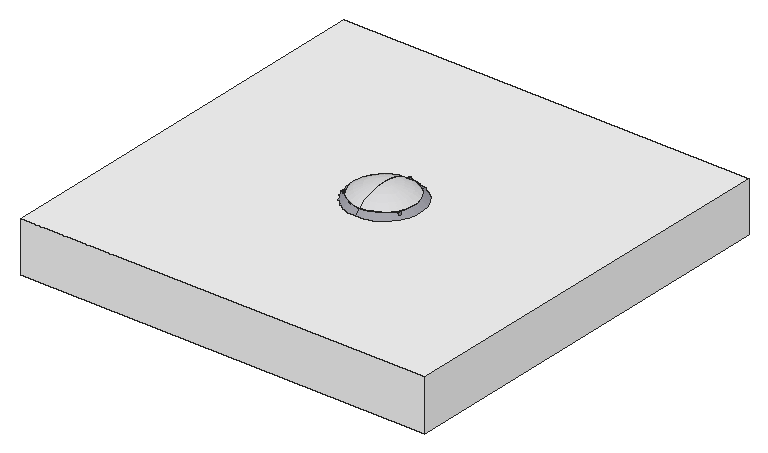
Revit family "Sarlam_Eclairage_Hublot_Chartres_Infini_T2_Anti_Vandale_Diam_435mm_3000Lm", category Luminaires, Revit 2020
Family settings
  Hôte = Face
  Cote de connecteur circulaire = Utiliser le diamètre
  Type d'élément = Normal
  Couper avec des vides une fois chargée = Non
  Source d'éclairage = Oui
  Partagée = Non
  Point de calcul de pièce = Non
Parameters (values of type "ON/OFF GRIS METAL")
  Zone plafond formes 1à7 [instance] = and(not(Diamètre externe = 328 mm), or([Antivandale Formes 2-4-7]), not([Afficher la zone de détection-pose murale]), [Afficher la zone de détection-pose plafond])  # no
  Zone murale formes 1à7 [instance] = and(not(Diamètre externe = 328 mm), or([Antivandale Formes 2-4-7]), [Afficher la zone de détection-pose murale], not([Afficher la zone de détection-pose plafond]))  # no
  Zone de détection = ""
  URL = "http://www.legrandoc.com/SL532017"
  Type de variation = "Non régulable"
  Type de tension = "CA"
  Tension nominale (Un) V MIN = 207
  Tension nominale (Un) V MAX = 253
  built-in parameter 1150107 = 3200 (stored number, unit not read)
  Température de couleur K MIN = 4000
  Température de couleur K MAX = 4000
  Source lumineuse = "Led non interchangeable"
  Répartition lumineuse = "Symétrique"
  Puissance du système W = 0
  Puissance de la source lumineuse W = ""
  Puissance de la lampe en Multiwatt = "21/39W"
  Wattage = 9.2903 W
  built-in parameter 1150110 = 1 (stored number, unit not read)
  built-in parameter 1150109 = 1 (stored number, unit not read)
  built-in parameter 1114218 = 1 (stored number, unit not read)
  built-in parameter 1150113 = 1 (stored number, unit not read)
  built-in parameter 1150112 = 1 (stored number, unit not read)
  built-in parameter 1150137 = (empty or 0)
  built-in parameter 1150132 = (empty or 0)
  Modèle = "SL-532017"
  Longueur d'encastrement = 0 mm
  Longueur = 435 mm
  Largeur d'encastrement = 435 mm
  Largeur = 435 mm
  built-in parameter 1150105 = 109.82 (stored number, unit not read)
  built-in parameter 1150102 = (empty or 0)
  Hauteur/profondeur d'encastrement = 0 mm
  Hauteur/profondeur = 90 mm
  Dimming Lamp Color Temperature Shift = (empty or 0)
  Lumens = 1380 lm
  Color Filter = 16777215
  Fichier de distribution photométrique = "SL532009.ies"
  built-in parameter 1114217 = 1 (stored number, unit not read)
  built-in parameter 1150139 = (empty or 0)
  Fabricant = "LEGRAND"
  Emettre à partir du diamètre du cercle = 300 mm
  Emettre la visibilité des formes dans le rendu = no
  built-in parameter 1150104 = 13.8 (stored number, unit not read)
  built-in parameter 1150106 = 1.0982 (stored number, unit not read)
  built-in parameter 1150115 = 1 (stored number, unit not read)
  built-in parameter 1150114 = 1 (stored number, unit not read)
  Diamètre externe = 435 mm
  Diamètre d'encastrement = 0 mm
  Description = "CHARTRES INFINI 3000LM 4000K AV ON/OFF GRIS METAL"
  built-in parameter 1150138 = (empty or 0)
  built-in parameter 1150134 = 3
  Condition Générale d'Utilisation = "https://export.legrand.com/CGU-objets-BIM"
  Angle de l'inclinaison = 0.00°
  Afficher la zone de détection-pose plafond [instance] = no
  Afficher la zone de détection-pose murale [instance] = no
  Matériau du boîtier/corps = Plastique
  Indice de rendu des couleurs CRI = "80-89"
  Indice de protection contre les chocs (IK) = "IK10"
  Indice de protection (IP) = "IP55"
  Flux lumineux utile lm = 3000
  Elévation par défaut = 2500 mm
  Douille = "Sans"
  Courant nominal mA MIN = 0
  Courant nominal mA MAX = 0
  Couleur du boîtier/corps = LEGRAND - Gris métal
  Classe de protection = "II"
  Avec détecteur de mouvement = no
  Avec détecteur crépusculaire = no
  Appareillage = "Appareil à LED commandé en courant"
  Antivandale Formes 2-4-7 = yes
  Angle du faisceau = "Faisceau libre"
  Afficher l'étiquette de zone [instance] = no
  Adapté à une suspension = no
  Adapté à un montage encastré = no
  Adapté à un montage en saillie = yes
  Adapté à un montage en applique = yes
  Adapté à un montage au plafond = yes
  built-in parameter 1150133 = 10 (stored number, unit not read)
Types (8, lengths in mm): name | Zone de détection | URL | Type de variation | Modèle | Description | Indice de protection contre les chocs (IK) | Indice de protection (IP) | Couleur du boîtier/corps | Avec détecteur de mouvement | Avec détecteur crépusculaire
  ON/OFF BLANC | "" | "http://www.legrandoc.com/SL532015" | "Non régulable" | "SL-532015" | "CHARTRES INFINI 3000LM 4000K AV ON/OFF BLANC" | "IK10" | "IP55" | LEGRAND - Blanc | no | no
  ON/OFF ANTHRACITE | "" | "http://www.legrandoc.com/SL532016" | "Non régulable" | "SL-532016" | "CHARTRES INFINI 3000LM 4000K AV ON/OFF ANTHRACITE" | "IK10" | "IP55" | LEGRAND - Anthracite | no | no
  ON/OFF GRIS METAL | "" | "http://www.legrandoc.com/SL532017" | "Non régulable" | "SL-532017" | "CHARTRES INFINI 3000LM 4000K AV ON/OFF GRIS METAL" | "IK10" | "IP55" | LEGRAND - Gris métal | no | no
  Détection BLANC | "Détection à 2,5m haut Plafond: Ø6m maxi Mur: Ellipse 16*17m" | "http://www.legrandoc.com/SL532055" | "Autre" | "SL-532055" | "CHARTRES INFINI 3000LM 4000K  AV DETECTION HF BLANC" | "IK10" | "IP55" | LEGRAND - Blanc | yes | yes
  Détection ANTHRACITE | "Détection à 2,5m haut Plafond: Ø6m maxi Mur: Ellipse 16*17m" | "http://www.legrandoc.com/SL532056" | "Autre" | "SL-532056" | "CHARTRES INFINI 3000LM 4000K  AV DETECTION HF ANTHRACITE" | "IK10" | "IP55" | LEGRAND - Anthracite | yes | yes
  Détection GRIS METAL | "Détection à 2,5m haut Plafond: Ø6m maxi Mur: Ellipse 16*17m" | "http://www.legrandoc.com/SL532057" | "Autre" | "SL-532057" | "CHARTRES INFINI 3000LM 4000K  AV DETECTION HF GRIS METAL" | "IK10" | "IP55" | LEGRAND - Gris métal | yes | yes
  Renforcé-ON/OFF | "" | "http://www.legrandoc.com/SL532098" | "Non régulable" | "SL-532098" | "CHARTRES INFINI 3000LM 4000K SOLIROC ON/OFF BLANC" | ">IK10" | "IP66" | LEGRAND - Blanc | no | no
  Renforcé-Détection | "Détection à 2,5m haut Plafond: Ø6m maxi Mur: Ellipse 16*17m" | "http://www.legrandoc.com/SL532099" | "Autre" | "SL-532099" | "CHARTRES INFINI 3000LM 4000K  SOLIROC DETECTION HF BLANC" | ">IK10" | "IP66" | LEGRAND - Blanc | yes | yes
Reference planes
  plane 1 "Centre (avant/arrière)": y = 0
  plane 2: z = 0
  plane 3 "Centre (gauche/droite)": x = 0
  plane 4: z = 110
Forms (mm)
  Extrusion 1, solid, material "Blanc"
    sketch origin (0, 0, 0) x (1, 0, 0) y (0, 1, 0)
      loop
        line (-1219.2, 1219.2) -> (-1219.2, -1219.2) -> (1219.2, -1219.2) -> (1219.2, 1219.2) -> (-1219.2, 1219.2)
    from 0 to -304.8
Lines and regions (mm)
  model lines, not visible
    curve 1: line (0, 0, 0) -> (0, 0, 2230)
    curve 2: line (0, 0, 0) -> (0, 3300, 0)
    curve 3: line (0, 0, 0) -> (-2620, 0, 0)
Dimensions and locks
  level to plane 4 = 110 mm
  aligned and locked: plane 2 to Extrusion 1
  aligned and locked: level to Extrusion 1
  aligned and locked: imposter light to plane 4
  aligned and locked: plane 3 "Centre (gauche/droite)" to imposter light
Nested families
  nested 1: "Zone de détection murale Chartres-Astreo" at (0, 0, 0) x (0, 0, 1) z (0, -1, 0), visible <- "Afficher la zone de détection-pose murale", type "Zone de détection murale"
  nested 2: "Formes 1-2-3-4-6-7-8-9" at (0, 0, 0), type "Formes"
    with Fl 90 mm, Dimension hublot 185.3 mm, Diamètre total 435 mm, Courbure 307.8 mm, Antivandale Formes 2-4-7 yes
  nested 3: "Zone de détection plafond Chartres-Astreo" at (0, 0, 2500), visible <- "Afficher la zone de détection-pose plafond", type "Zone de détection plafond"
    with Zone plafond Formes 8à9 no
  nested 4: "Zone de détection murale Chartres-Astreo" at (0, 0, 0) x (0, 0, 1) z (1, 0, 0), visible <- "Afficher la zone de détection-pose murale", type "Zone de détection murale"
  nested 5: "Etiquette de zone" at (-30, 277.5, 0) x (-1, 0, 0) z (0, 0, 1), visible <- "Afficher l'étiquette de zone", type "Etiquette de zone"
Connectors
  electrical at (0, 0, 0)
    settings: on nested 2, index 1, voltage 230 V, apparent load 0 VA, apparent load phase1 0 VA, apparent load phase2 0 VA, apparent load phase3 0 VA, power factor 1, load classification "Eclairage", number of poles 1, system type 30, power factor state 1, is connector primary yes, connector utility no, sub classification motor no, connector description ""
Definition of nested family "Formes 1-2-3-4-6-7-8-9"
  Parameters (values of type "Formes")
    Standard Forme 8 = no
    Standard Formes 1-3-6 = no
    Matériau hublot = none
    Matériau corps = none
    Fl = if(Diamètre total < 325 mm, 70 mm, if(Diamètre total = 328 mm, 107 mm, 90 mm))  # 107 mm
    Default Elevation = 0 mm
    Dimension hublot = if(Diamètre total = 300 mm, 121.1 mm, if(Diamètre total = 322 mm, 129.3 mm, if(Diamètre total = 328 mm, 148.6 mm, if(Diamètre total = 420 mm, 179.2 mm, 185.3 mm))))  # 148.6 mm
    Diamètre total = 328 mm
    Courbure = if(Diamètre total = 300 mm, 195.7 mm, if(Diamètre total = 322 mm, 220.2 mm, if(Diamètre total = 328 mm, 179.2 mm, if(Diamètre total = 420 mm, 290 mm, 307.8 mm))))  # 179.2 mm
    Couleur corps = none
    Antivandale Forme 9 = no
    Antivandale Formes 2-4-7 = no
  Reference planes
    plane 1 "Centre (avant/arrière)": y = 0
    plane 2: z = 0
    plane 3 "Centre (gauche/droite)": x = 0
    plane 4: y = 164
    plane 5: y = -164
    plane 6: y = 148.6
  Forms (mm)
    Revolve 1, solid, material <- "Matériau hublot"
      sketch origin (0, 0, 0) x (0, 0, -1) y (0, 1, 0)
        loop
          arc (-28, 148.6) -> (-86.03, 84.151) -> (-107, 0) r 179.2
          line (-107, 0) -> (-28, 0) -> (-28, 148.6)
        axis (-28, 0) -> (-107, 0)
      angle from 0 to 360
  Dimensions and locks
    equal spacing: plane 4, plane 1 "Centre (avant/arrière)", plane 5
    "Diamètre total": plane 4 to plane 5
    equal spacing: plane 5, plane 1 "Centre (avant/arrière)", plane 4
    "Dimension hublot": plane 1 "Centre (avant/arrière)" to plane 6
    "Fl": Revolve 1 sketch curve to plane 2
    "Courbure": radius of Revolve 1 sketch curve
    aligned and locked: level to plane 2
    aligned and locked: plane 6 to Revolve 1 sketch curve
    aligned and locked: plane 2 to nested 2
  Automatic sketch dimensions
    Revolve 1 sketch curve to plane 1 "Centre (avant/arrière)" = 0 mm  (x2)
    level to Revolve 1 sketch curve = 28 mm
    Revolve 1 sketch curve to Revolve 1 sketch curve = 1811.469 mm
    Revolve 1 sketch curve to Revolve 1 sketch curve = 1147.22 mm
  Nested families
    nested 1: "Corps standard Formes 1-3-6" at (0, 0, 0), visible <- "Standard Formes 1-3-6", type "Corps standard Formes 1-3-6"
      with Diamètre 328 mm
    nested 2: "Corps antivandale Formes 2-4-7" at (0, 0, 0), visible <- "Antivandale Formes 2-4-7", type "Corps antivandale Formes 2-4-7"
      with Diamètre 328 mm
    nested 3: "Corps standard Forme 8" at (0, 0, 0), visible <- "Standard Forme 8", type "Corps standard Forme 8"
    nested 4: "Corps antivandale Forme 9" at (0, 0, 0), visible <- "Antivandale Forme 9", type "Corps antivandale Forme 9"
  Definition of nested family "Corps standard Formes 1-3-6"
    Parameters (values of type "Corps standard")
      Matériau corps = none
      Default Elevation = 0 mm
      Couleur corps = none
      Diamètre = 322 mm
      Courbure = if(Diamètre < 400 mm, 195.7 mm, 290 mm)  # 195.7 mm
    Reference planes
      plane 1 "Centre (avant/arrière)": y = 0
      plane 2: z = 0
      plane 3 "Centre (gauche/droite)": x = 0
      plane 4: y = 161
      plane 5: y = -161
      plane 6: z = 28
    Forms (mm)
      Revolve 1, solid, material <- "Couleur corps"
        sketch origin (0, 0, 0) x (0, 0, -1) y (0, 1, 0)
          loop
            line (0, 0) -> (0, 161)
            arc (0, 161) -> (-14.55, 149.906) -> (-28, 137.502) r 195.7
            line (-28, 137.502) -> (-28, 0) -> (0, 0)
          axis (0, 0) -> (-28, 0)
        angle from 0 to 360
    Dimensions and locks
      equal spacing: plane 4, plane 1 "Centre (avant/arrière)", plane 5
      "Diamètre": plane 4 to plane 5
      equal spacing: plane 5, plane 1 "Centre (avant/arrière)", plane 4
      "Courbure": radius of Revolve 1 sketch curve
      aligned and locked: level to plane 2
      aligned and locked: plane 2 to Revolve 1  (x2)
      aligned and locked: Revolve 1 to plane 2
      aligned and locked: plane 6 to Revolve 1
    Automatic sketch dimensions
      Revolve 1 sketch curve to plane 1 "Centre (avant/arrière)" = 0 mm  (x3)
      Revolve 1 sketch curve to plane 6 = 0 mm
      Revolve 1 sketch curve to level = 0 mm
      Revolve 1 sketch curve to plane 4 = 0 mm
      plane 6 to Revolve 1 sketch curve = 1833.51 mm
      Revolve 1 sketch curve to Revolve 1 sketch curve = 1167.217 mm
  Definition of nested family "Corps antivandale Formes 2-4-7"
    Parameters (values of type "Corps antivandale")
      Rayon réseau vis = if(Diamètre < 400 mm, 137.2 mm, 193.2 mm)  # 137.2 mm
      Matériau corps = none
      Default Elevation = 0 mm
      Diamètre = 322 mm
      Courbure = if(Diamètre < 400 mm, 220.2 mm, 307.8 mm)  # 220.2 mm
      Couleur corps = none
    Reference planes
      plane 1 "Centre (avant/arrière)": y = 0
      plane 2: z = 0
      plane 3 "Centre (gauche/droite)": x = 0
      plane 4: y = 161
      plane 5: y = -161
      plane 6: z = 28
      plane 7: through (0, 0, 1200) normal (0.5, 0.866, 0)
      plane 8: through (0, 0, 1200) normal (0.5, -0.866, 0)
    Forms (mm)
      Revolve 1, solid, material <- "Couleur corps"
        sketch origin (0, 0, 0) x (0, 0, -1) y (0, 1, 0)
          loop
            line (0, 0) -> (0, 161)
            arc (0, 161) -> (-14.762, 145.835) -> (-28, 129.323) r 220.2
            line (-28, 129.323) -> (-28, 0) -> (0, 0)
          axis (0, 0) -> (-28, 0)
        angle from 0 to 360
      Extrusion 2, solid, material <- "Couleur corps"
        sketch origin (0, -0.04, 0) x (1, 0, 0) y (0, 1, 0)
          loop
            line (-4, 129.32) -> (-4, 137.3)
            arc (-4, 137.3) -> (0, 141.3) -> (4, 137.3) r 4
            line (4, 137.3) -> (4, 129.32)
            arc (4, 129.32) -> (5, 129.285) -> (6, 129.243) r 129.323
            line (6, 129.243) -> (6, 137.3)
            arc (6, 137.3) -> (0, 143.3) -> (-6, 137.3) r 6
            line (-6, 137.3) -> (-6, 129.243)
            arc (-6, 129.243) -> (-5, 129.285) -> (-4, 129.32) r 129.323
        from 15.189 to 28
      Extrusion 3, solid, material <- "Couleur corps"
        sketch origin (-0.035, 0.02, 0) x (-0.5, -0.866025, 0) y (0.866025, -0.5, 0)
          loop
            line (-4, 129.32) -> (-4, 137.3)
            arc (-4, 137.3) -> (0, 141.3) -> (4, 137.3) r 4
            line (4, 137.3) -> (4, 129.32)
            arc (4, 129.32) -> (5, 129.285) -> (6, 129.243) r 129.323
            line (6, 129.243) -> (6, 137.3)
            arc (6, 137.3) -> (0, 143.3) -> (-6, 137.3) r 6
            line (-6, 137.3) -> (-6, 129.243)
            arc (-6, 129.243) -> (-5, 129.285) -> (-4, 129.32) r 129.323
        from 15.189 to 28
      Extrusion 4, solid, material <- "Couleur corps"
        sketch origin (0.035, 0.02, 0) x (-0.5, 0.866025, 0) y (-0.866025, -0.5, 0)
          loop
            line (-4, 129.32) -> (-4, 137.3)
            arc (-4, 137.3) -> (0, 141.3) -> (4, 137.3) r 4
            line (4, 137.3) -> (4, 129.32)
            arc (4, 129.32) -> (5, 129.285) -> (6, 129.243) r 129.323
            line (6, 129.243) -> (6, 137.3)
            arc (6, 137.3) -> (0, 143.3) -> (-6, 137.3) r 6
            line (-6, 137.3) -> (-6, 129.243)
            arc (-6, 129.243) -> (-5, 129.285) -> (-4, 129.32) r 129.323
        from 15.189 to 28
      Revolve 5, solid
        sketch origin (0, 0.018, -12.656) x (0, 1, 0) y (0, 0, 1)
          loop
            line (136.525, 38.942) -> (136.525, 29.094) -> (136.962, 29.907) -> (137.751, 35.518) -> (140.148, 38.942) -> (136.525, 38.942)
          axis (136.525, 29.094) -> (136.525, 38.942)
        angle from 0 to 360
      Revolve 6, solid
        sketch origin (0.016, -0.009, -12.656) x (0.866025, -0.5, 0) y (0, 0, 1)
          loop
            line (136.525, 38.942) -> (136.525, 29.094) -> (136.962, 29.907) -> (137.751, 35.518) -> (140.148, 38.942) -> (136.525, 38.942)
          axis (136.525, 29.094) -> (136.525, 38.942)
        angle from 0 to 360
      Revolve 7, solid
        sketch origin (-0.016, -0.009, -12.656) x (-0.866025, -0.5, 0) y (0, 0, 1)
          loop
            line (136.525, 38.942) -> (136.525, 29.094) -> (136.962, 29.907) -> (137.751, 35.518) -> (140.148, 38.942) -> (136.525, 38.942)
          axis (136.525, 29.094) -> (136.525, 38.942)
        angle from 0 to 360
    Cuts and joins
      joined: Revolve 1, Extrusion 2
    Lines and regions (mm)
      model lines
        curve 1: line (-2.5, 136.543, 26.285) -> (2.5, 136.543, 26.285)
        curve 2: line (0, 138.995, 26.285) -> (0, 133.995, 26.285)
        curve 3: line (119.5, -66.107, 26.285) -> (117, -70.437, 26.285)
        curve 4: line (120.373, -69.497, 26.285) -> (116.043, -66.997, 26.285)
        curve 5: line (-117, -70.437, 26.285) -> (-119.5, -66.107, 26.285)
        curve 6: line (-120.373, -69.497, 26.285) -> (-116.043, -66.997, 26.285)
    Dimensions and locks
      equal spacing: plane 4, plane 1 "Centre (avant/arrière)", plane 5
      "Diamètre": plane 4 to plane 5
      equal spacing: plane 5, plane 1 "Centre (avant/arrière)", plane 4
      "Courbure": radius of Revolve 1 sketch curve
      "Rayon réseau vis": radius of radial array
      aligned and locked: level to plane 2
      aligned and locked: plane 2 to Revolve 1  (x2)
      aligned and locked: Revolve 1 to plane 2
      aligned and locked: plane 6 to Revolve 1
    Automatic sketch dimensions
      Extrusion 2 sketch curve to Extrusion 2 sketch curve = 0 mm  (x9)
      Extrusion 2 sketch curve to Extrusion 2 sketch curve = 7.98 mm
      Extrusion 2 sketch curve to Extrusion 2 sketch curve = 0.077 mm
      Extrusion 2 sketch curve to Extrusion 2 sketch curve = 2 mm
      Extrusion 2 sketch curve to Extrusion 2 sketch curve = 4 mm
      Extrusion 2 sketch curve to Extrusion 2 sketch curve = 6 mm
      Extrusion 3 sketch curve to Extrusion 3 sketch curve = 0 mm  (x9)
      Extrusion 3 sketch curve to Extrusion 3 sketch curve = 7.98 mm
      Extrusion 3 sketch curve to Extrusion 3 sketch curve = 0.077 mm
      Extrusion 3 sketch curve to Extrusion 3 sketch curve = 2 mm
      Extrusion 3 sketch curve to Extrusion 3 sketch curve = 4 mm
      Extrusion 3 sketch curve to Extrusion 3 sketch curve = 6 mm
      Extrusion 4 sketch curve to Extrusion 4 sketch curve = 0 mm  (x9)
      Extrusion 4 sketch curve to Extrusion 4 sketch curve = 7.98 mm
      Extrusion 4 sketch curve to Extrusion 4 sketch curve = 0.077 mm
      Extrusion 4 sketch curve to Extrusion 4 sketch curve = 2 mm
      Extrusion 4 sketch curve to Extrusion 4 sketch curve = 4 mm
      Extrusion 4 sketch curve to Extrusion 4 sketch curve = 6 mm
      Revolve 7 sketch curve to Revolve 7 sketch curve = 0.437 mm  (x2)
      Revolve 7 sketch curve to Revolve 7 sketch curve = 1.226 mm  (x2)
      Revolve 7 sketch curve to Revolve 7 sketch curve = 2.397 mm
      Revolve 7 sketch curve to Revolve 7 sketch curve = 0.813 mm  (x2)
      Revolve 7 sketch curve to Revolve 7 sketch curve = 5.611 mm  (x2)
      Revolve 7 sketch curve to Revolve 7 sketch curve = 3.424 mm  (x2)
      Revolve 7 sketch curve to Revolve 7 sketch curve = 0 mm  (x2)
      Revolve 7 sketch curve to Revolve 7 sketch curve = 0.975 mm
      Revolve 7 sketch curve to Revolve 7 sketch curve = 3.281 mm  (x2)
      Revolve 5 sketch curve to Revolve 5 sketch curve = 0.437 mm  (x2)
      Revolve 5 sketch curve to Revolve 5 sketch curve = 1.226 mm  (x2)
      Revolve 5 sketch curve to Revolve 5 sketch curve = 3.623 mm
      Revolve 5 sketch curve to Revolve 5 sketch curve = 5.611 mm  (x2)
      Revolve 5 sketch curve to Revolve 5 sketch curve = 3.424 mm  (x2)
      Revolve 5 sketch curve to Revolve 5 sketch curve = 0 mm  (x2)
      Revolve 5 sketch curve to Revolve 5 sketch curve = 0.813 mm  (x2)
      Revolve 5 sketch curve to Revolve 5 sketch curve = 0.162 mm
      Revolve 5 sketch curve to Revolve 5 sketch curve = 3.281 mm  (x2)
      Revolve 6 sketch curve to Revolve 6 sketch curve = 0.437 mm  (x2)
      Revolve 6 sketch curve to Revolve 6 sketch curve = 1.226 mm  (x2)
      Revolve 6 sketch curve to Revolve 6 sketch curve = 3.623 mm
      Revolve 6 sketch curve to Revolve 6 sketch curve = 5.611 mm  (x2)
      Revolve 6 sketch curve to Revolve 6 sketch curve = 3.424 mm  (x2)
      Revolve 6 sketch curve to Revolve 6 sketch curve = 0 mm  (x2)
      Revolve 6 sketch curve to Revolve 6 sketch curve = 0.813 mm  (x2)
      Revolve 6 sketch curve to Revolve 6 sketch curve = 0.162 mm
      Revolve 6 sketch curve to Revolve 6 sketch curve = 3.281 mm  (x2)
      Revolve 7 sketch curve to Revolve 7 sketch curve = 3.623 mm
      Revolve 7 sketch curve to Revolve 7 sketch curve = 0.162 mm
      curve 2 to Revolve 5 = 0 mm
      curve 2 to curve 1 = 2.548 mm
      curve 1 to curve 2 = 2.452 mm
      Revolve 5 to curve 1 = 2.5 mm
      curve 1 to Revolve 5 = 2.5 mm
      curve 4 to Revolve 6 = 0 mm
      curve 4 to curve 3 = 2.548 mm
      curve 3 to curve 4 = 2.452 mm
      Revolve 6 to curve 3 = 2.5 mm
      curve 3 to Revolve 6 = 2.5 mm
      curve 6 to Revolve 7 = 0 mm
      curve 6 to curve 5 = 2.548 mm
      curve 5 to curve 6 = 2.452 mm
      Revolve 7 to curve 5 = 2.5 mm
      curve 5 to Revolve 7 = 2.5 mm
      Revolve 5 sketch curve to Revolve 5 sketch curve = 2.397 mm
      Revolve 5 sketch curve to Revolve 5 sketch curve = 0.975 mm
      Revolve 6 sketch curve to Revolve 6 sketch curve = 2.397 mm
      Revolve 6 sketch curve to Revolve 6 sketch curve = 0.975 mm
      Revolve 1 sketch curve to plane 1 "Centre (avant/arrière)" = 0 mm  (x3)
      Revolve 1 sketch curve to plane 6 = 0 mm
      Revolve 1 sketch curve to level = 0 mm
      Revolve 1 sketch curve to plane 4 = 0 mm
      plane 6 to Revolve 1 sketch curve = 1833.51 mm
      Revolve 1 sketch curve to Revolve 1 sketch curve = 1128.321 mm
  Definition of nested family "Corps standard Forme 8"
    Parameters (values of type "Corps standard Forme 8")
      Matériau corps = none
      Default Elevation = 0 mm
      Couleur corps = none
      Diamètre = 328 mm
    Reference planes
      plane 1 "Centre (avant/arrière)": y = 0
      plane 2: z = 0
      plane 3 "Centre (gauche/droite)": x = 0
      plane 4: y = 164
      plane 5: y = -164
      plane 6: z = 28
      plane 7: y = 7.5
      plane 8: y = -7.5
    Forms (mm)
      Revolve 1, solid, material <- "Couleur corps"
        sketch origin (0, 0, 0) x (0, 0, -1) y (0, 1, 0)
          loop
            line (0, 0) -> (0, 164)
            arc (0, 164) -> (-14.345, 156.905) -> (-28, 148.559) r 179.182
            line (-28, 148.559) -> (-28, 0) -> (0, 0)
          axis (0, 0) -> (-28, 0)
        angle from 0 to 360
      Sweep 2, void
        path origin (0, 0, 0) x (1, 0, 0) y (0, 1, 0)
          loop
            arc (153.049, 7.5) -> (0, 153.232) -> (-153.049, 7.5) r 153.232
        profile origin (0, 153.232, 0) x (0, -1, 0) y (0, 0, 1)
          loop
            line (-5.469, 6.213) -> (-10.469, 16.465) -> (-10.469, 6.213) -> (-5.469, 6.213)
      Sweep 3, void
        path origin (0, 0, 0) x (1, 0, 0) y (0, 1, 0)
          loop
            arc (153.049, 7.5) -> (0, 153.232) -> (-153.049, 7.5) r 153.232
        profile origin (0, 153.232, 0) x (0, -1, 0) y (0, 0, 1)
          loop
            line (-1.643, 13.471) -> (-6.643, 23.723) -> (-6.643, 13.471) -> (-1.643, 13.471)
      Sweep 4, void
        path origin (0, 0, 0) x (1, 0, 0) y (0, -1, 0)
          loop
            arc (153.049, 7.5) -> (0, 153.232) -> (-153.049, 7.5) r 153.232
        profile origin (0, -153.232, 0) x (0, -1, 0) y (0, 0, 1)
          loop
            line (1.643, 13.471) -> (6.643, 13.471) -> (6.643, 23.723) -> (1.643, 13.471)
      Sweep 5, void
        path origin (0, 0, 0) x (1, 0, 0) y (0, -1, 0)
          loop
            arc (153.049, 7.5) -> (0, 153.232) -> (-153.049, 7.5) r 153.232
        profile origin (0, -153.232, 0) x (0, -1, 0) y (0, 0, 1)
          loop
            line (5.469, 6.213) -> (10.469, 6.213) -> (10.469, 16.465) -> (5.469, 6.213)
    Cuts and joins
      Sweep 2, Sweep 3, Sweep 4, Sweep 5 cuts Revolve 1
    Dimensions and locks
      equal spacing: plane 4, plane 1 "Centre (avant/arrière)", plane 5
      "Diamètre": plane 4 to plane 5
      equal spacing: plane 5, plane 1 "Centre (avant/arrière)", plane 4
      aligned and locked: level to plane 2
      aligned and locked: plane 2 to Revolve 1  (x2)
      aligned and locked: Revolve 1 to plane 2
      aligned and locked: plane 6 to Revolve 1
    Automatic sketch dimensions
      Sweep 2 sketch curve to plane 7 = 0 mm  (x2)
      plane 1 "Centre (avant/arrière)" to Sweep 2 sketch curve = 0 mm
      Sweep 2 sketch curve to plane 3 "Centre (gauche/droite)" = 0 mm
      Sweep 2 sketch curve to plane 3 "Centre (gauche/droite)" = 153.049 mm
      Sweep 3 sketch curve to plane 7 = 0 mm  (x2)
      plane 1 "Centre (avant/arrière)" to Sweep 3 sketch curve = 0 mm
      Sweep 3 sketch curve to plane 3 "Centre (gauche/droite)" = 0 mm
      Sweep 3 sketch curve to plane 3 "Centre (gauche/droite)" = 153.049 mm
      Sweep 4 sketch curve to plane 8 = 0 mm  (x2)
      plane 1 "Centre (avant/arrière)" to Sweep 4 sketch curve = 0 mm
      Sweep 4 sketch curve to plane 3 "Centre (gauche/droite)" = 0 mm
      plane 3 "Centre (gauche/droite)" to Sweep 4 sketch curve = 153.049 mm
      Sweep 5 sketch curve to plane 8 = 0 mm  (x2)
      plane 1 "Centre (avant/arrière)" to Sweep 5 sketch curve = 0 mm
      Sweep 5 sketch curve to plane 3 "Centre (gauche/droite)" = 0 mm
      plane 3 "Centre (gauche/droite)" to Sweep 5 sketch curve = 153.049 mm
      Revolve 1 sketch curve to plane 1 "Centre (avant/arrière)" = 0 mm  (x3)
      Revolve 1 sketch curve to plane 6 = 0 mm
      Revolve 1 sketch curve to level = 0 mm
      Revolve 1 sketch curve to plane 4 = 0 mm
      Revolve 1 sketch curve to Revolve 1 sketch curve = 72.182 mm
      plane 6 to Revolve 1 sketch curve = 1833.51 mm
      Revolve 1 sketch curve to Revolve 1 sketch curve = 1201.817 mm
      profile plane to Sweep 2 sketch curve = 10.469 mm
      Sweep 2 sketch curve to Sweep 2 sketch curve = 5 mm
      level to Sweep 2 sketch curve = 6.213 mm
      Sweep 2 sketch curve to Sweep 2 sketch curve = 10.252 mm
      profile plane to Sweep 3 sketch curve = 6.643 mm
      profile plane to Sweep 3 sketch curve = 1.643 mm
      level to Sweep 3 sketch curve = 13.471 mm
      Sweep 3 sketch curve to Sweep 3 sketch curve = 10.252 mm
      Sweep 4 sketch curve to profile plane = 1.643 mm
      Sweep 4 sketch curve to profile plane = 6.643 mm
      level to Sweep 4 sketch curve = 13.471 mm
      Sweep 4 sketch curve to Sweep 4 sketch curve = 10.252 mm
      Sweep 5 sketch curve to profile plane = 5.469 mm
      Sweep 5 sketch curve to profile plane = 10.469 mm
      level to Sweep 5 sketch curve = 6.213 mm
      Sweep 5 sketch curve to Sweep 5 sketch curve = 10.252 mm
  Definition of nested family "Corps antivandale Forme 9"
    Parameters (values of type "Corps antivandale Forme 9")
      Matériau corps = none
      Default Elevation = 0 mm
      Couleur corps = none
      Diamètre = 328 mm
    Reference planes
      plane 1 "Centre (avant/arrière)": y = 0
      plane 2: z = 0
      plane 3 "Centre (gauche/droite)": x = 0
      plane 4: y = 164
      plane 5: y = -164
      plane 6: z = 28
      plane 7: y = 7.5
      plane 8: y = -7.5
    Forms (mm)
      Revolve 1, solid, material <- "Couleur corps"
        sketch origin (0, 0, 0) x (0, 0, -1) y (0, 1, 0)
          loop
            line (0, 0) -> (0, 164)
            arc (0, 164) -> (-14.345, 156.905) -> (-28, 148.559) r 179.182
            line (-28, 148.559) -> (-28, 0) -> (0, 0)
          axis (0, 0) -> (-28, 0)
        angle from 0 to 360
      Extrusion 2, void
        sketch origin (-1.406, 0, 0) x (1, 0, 0) y (0, 1, 0)
          loop
            circle (157.486, 0) r 5
        from 5.665 to 28
      Sweep 3, void
        path origin (0, 0, 0) x (1, 0, 0) y (0, 1, 0)
          loop
            arc (153.049, 7.5) -> (0, 153.232) -> (-153.049, 7.5) r 153.232
        profile origin (0, 153.232, 0) x (0, -1, 0) y (0, 0, 1)
          loop
            line (-5.469, 6.213) -> (-10.469, 16.465) -> (-10.469, 6.213) -> (-5.469, 6.213)
      Extrusion 4, void
        sketch origin (1.406, 0, 0) x (-1, 0, 0) y (0, -1, 0)
          loop
            circle (157.486, 0) r 5
        from 5.665 to 28
      Sweep 5, void
        path origin (0, 0, 0) x (1, 0, 0) y (0, 1, 0)
          loop
            arc (153.049, 7.5) -> (0, 153.232) -> (-153.049, 7.5) r 153.232
        profile origin (0, 153.232, 0) x (0, -1, 0) y (0, 0, 1)
          loop
            line (-1.643, 13.471) -> (-6.643, 23.723) -> (-6.643, 13.471) -> (-1.643, 13.471)
      Sweep 6, void
        path origin (0, 0, 0) x (1, 0, 0) y (0, -1, 0)
          loop
            arc (153.049, 7.5) -> (0, 153.232) -> (-153.049, 7.5) r 153.232
        profile origin (0, -153.232, 0) x (0, -1, 0) y (0, 0, 1)
          loop
            line (1.643, 13.471) -> (6.643, 13.471) -> (6.643, 23.723) -> (1.643, 13.471)
      Sweep 7, void
        path origin (0, 0, 0) x (1, 0, 0) y (0, -1, 0)
          loop
            arc (153.049, 7.5) -> (0, 153.232) -> (-153.049, 7.5) r 153.232
        profile origin (0, -153.232, 0) x (0, -1, 0) y (0, 0, 1)
          loop
            line (5.469, 6.213) -> (10.469, 6.213) -> (10.469, 16.465) -> (5.469, 6.213)
      Revolve 8, solid
        sketch origin (-156.149, -136.533, -30.469) x (0, 1, 0) y (0, 0, 1)
          loop
            line (136.525, 38.942) -> (136.525, 31.651) -> (137.319, 32.445) -> (137.923, 36.741) -> (139.106, 38.942) -> (136.525, 38.942)
          axis (136.525, 31.651) -> (136.525, 38.942)
        angle from 0 to 360
      Revolve 9, solid
        sketch origin (156.149, -136.533, -30.469) x (0, 1, 0) y (0, 0, -1)
          loop
            line (136.525, -38.942) -> (139.106, -38.942) -> (137.923, -36.741) -> (137.319, -32.445) -> (136.525, -31.651) -> (136.525, -38.942)
          axis (136.525, -31.651) -> (136.525, -38.942)
        angle from 0 to 360
    Cuts and joins
      Extrusion 2, Sweep 3, Extrusion 4, Sweep 5, Sweep 6, Sweep 7 cuts Revolve 1
    Lines and regions (mm)
      model lines
        curve 1: line (-156.149, 1.39, 8.473) -> (-156.149, -1.406, 8.473)
        curve 2: line (-157.503, 0, 8.473) -> (-154.615, 0, 8.473)
        curve 3: line (156.149, 1.39, 8.473) -> (156.149, -1.406, 8.473)
        curve 4: line (157.503, 0, 8.473) -> (154.615, 0, 8.473)
    Dimensions and locks
      equal spacing: plane 4, plane 1 "Centre (avant/arrière)", plane 5
      "Diamètre": plane 4 to plane 5
      equal spacing: plane 5, plane 1 "Centre (avant/arrière)", plane 4
      aligned and locked: level to plane 2
      aligned and locked: plane 2 to Revolve 1  (x2)
      aligned and locked: Revolve 1 to plane 2
      aligned and locked: plane 6 to Revolve 1
    Automatic sketch dimensions
      plane 1 "Centre (avant/arrière)" to Extrusion 2 sketch curve = 0 mm
      plane 3 "Centre (gauche/droite)" to Extrusion 2 sketch curve = 156.08 mm
      Sweep 3 sketch curve to plane 7 = 0 mm  (x2)
      plane 1 "Centre (avant/arrière)" to Sweep 3 sketch curve = 0 mm
      Sweep 3 sketch curve to plane 3 "Centre (gauche/droite)" = 0 mm
      Sweep 3 sketch curve to plane 3 "Centre (gauche/droite)" = 153.049 mm
      plane 1 "Centre (avant/arrière)" to Extrusion 4 sketch curve = 0 mm
      plane 3 "Centre (gauche/droite)" to Extrusion 4 sketch curve = 156.08 mm
      Sweep 5 sketch curve to plane 7 = 0 mm  (x2)
      plane 1 "Centre (avant/arrière)" to Sweep 5 sketch curve = 0 mm
      Sweep 5 sketch curve to plane 3 "Centre (gauche/droite)" = 0 mm
      Sweep 5 sketch curve to plane 3 "Centre (gauche/droite)" = 153.049 mm
      Sweep 6 sketch curve to plane 8 = 0 mm  (x2)
      plane 1 "Centre (avant/arrière)" to Sweep 6 sketch curve = 0 mm
      Sweep 6 sketch curve to plane 3 "Centre (gauche/droite)" = 0 mm
      plane 3 "Centre (gauche/droite)" to Sweep 6 sketch curve = 153.049 mm
      Sweep 7 sketch curve to plane 8 = 0 mm  (x2)
      plane 1 "Centre (avant/arrière)" to Sweep 7 sketch curve = 0 mm
      Sweep 7 sketch curve to plane 3 "Centre (gauche/droite)" = 0 mm
      plane 3 "Centre (gauche/droite)" to Sweep 7 sketch curve = 153.049 mm
      Revolve 1 sketch curve to plane 1 "Centre (avant/arrière)" = 0 mm  (x3)
      Revolve 1 sketch curve to plane 6 = 0 mm
      Revolve 1 sketch curve to level = 0 mm
      Revolve 1 sketch curve to plane 4 = 0 mm
      Revolve 1 sketch curve to Revolve 1 sketch curve = 72.182 mm
      plane 6 to Revolve 1 sketch curve = 1833.51 mm
      Revolve 1 sketch curve to Revolve 1 sketch curve = 1201.817 mm
      profile plane to Sweep 3 sketch curve = 10.469 mm
      Sweep 3 sketch curve to Sweep 3 sketch curve = 5 mm
      level to Sweep 3 sketch curve = 6.213 mm
      Sweep 3 sketch curve to Sweep 3 sketch curve = 10.252 mm
      profile plane to Sweep 5 sketch curve = 6.643 mm
      profile plane to Sweep 5 sketch curve = 1.643 mm
      level to Sweep 5 sketch curve = 13.471 mm
      Sweep 5 sketch curve to Sweep 5 sketch curve = 10.252 mm
      Sweep 6 sketch curve to profile plane = 1.643 mm
      Sweep 6 sketch curve to profile plane = 6.643 mm
      level to Sweep 6 sketch curve = 13.471 mm
      Sweep 6 sketch curve to Sweep 6 sketch curve = 10.252 mm
      Sweep 7 sketch curve to profile plane = 5.469 mm
      Sweep 7 sketch curve to profile plane = 10.469 mm
      level to Sweep 7 sketch curve = 6.213 mm
      Sweep 7 sketch curve to Sweep 7 sketch curve = 10.252 mm
      plane 1 "Centre (avant/arrière)" to Revolve 8 sketch curve = 0.008 mm  (x2)
      Revolve 8 sketch curve to plane 1 "Centre (avant/arrière)" = 0.786 mm
      Revolve 8 sketch curve to plane 1 "Centre (avant/arrière)" = 1.39 mm
      Revolve 8 sketch curve to Revolve 8 sketch curve = 1.183 mm
      level to Revolve 8 sketch curve = 1.183 mm
      Revolve 8 sketch curve to Revolve 8 sketch curve = 0.794 mm
      Revolve 8 sketch curve to Revolve 8 sketch curve = 4.296 mm
      Revolve 8 sketch curve to Revolve 8 sketch curve = 2.201 mm
      Revolve 8 sketch curve to level = 0.4 mm
      Revolve 8 sketch curve to Revolve 8 sketch curve = 3.281 mm
      plane 1 "Centre (avant/arrière)" to Revolve 9 sketch curve = 0.008 mm  (x2)
      Revolve 9 sketch curve to plane 1 "Centre (avant/arrière)" = 0.786 mm
      Revolve 9 sketch curve to plane 1 "Centre (avant/arrière)" = 1.39 mm
      Revolve 9 sketch curve to Revolve 9 sketch curve = 1.183 mm
      level to Revolve 9 sketch curve = 8.473 mm
      Revolve 9 sketch curve to Revolve 9 sketch curve = 2.201 mm
      level to Revolve 9 sketch curve = 1.977 mm
      Revolve 9 sketch curve to Revolve 9 sketch curve = 0.794 mm
      Revolve 9 sketch curve to Revolve 9 sketch curve = 3.281 mm
      Revolve 9 sketch curve to level = 0.4 mm
      curve 1 to Revolve 8 = 0 mm
      curve 1 to curve 3 = 0 mm
      curve 1 to curve 2 = 1.406 mm
      curve 3 to curve 4 = 1.406 mm
      curve 4 to curve 3 = 1.39 mm
      curve 2 to curve 1 = 1.39 mm
      Revolve 8 to curve 2 = 1.534 mm
      curve 4 to curve 2 = 309.23 mm
      curve 3 to curve 4 = 1.534 mm
      curve 4 to curve 3 = 1.354 mm
      curve 2 to Revolve 8 = 1.354 mm
      radius of Extrusion 2 sketch curve = 5 mm
      radius of Extrusion 4 sketch curve = 5 mm
Definition of nested family "Zone de détection murale Chartres-Astreo"
  Parameters (values of type "Zone de détection murale")
    Zone murale Formes 8à9 = no
    Zone murale Formes 1à7 = no
  Reference planes
    plane 1 "Centre (avant/arrière)": y = 0
    plane 2: z = 0
    plane 3 "Centre (gauche/droite)": x = 0
    plane 4: x = 3500
    plane 5: y = 1000
    plane 6: x = 10000
    plane 7: y = 3500
    plane 8: x = 13000
    plane 9: y = 4000
    plane 10: x = 17000
    plane 11: y = 8000
    plane 12: x = 6000
    plane 13: x = 8000
  Lines and regions (mm)
    detail lines, in view "Niveau de réf.", visible <- "Zone murale Formes 1à7"
      curve 1: spline (0, 0, 0) -> (59.63, 258.819, 0) -> (234.456, 500, 0) -> (512.563, 707.107, 0) -> (875, 866.025, 0) -> (1297.067, 965.926, 0) -> (1750, 1000, 0) -> (2202.933, 965.926, 0) -> (2625, 866.025, 0) -> (2987.437, 707.107, 0) -> (3265.544, 500, 0) -> (3440.37, 258.819, 0) -> (3500, 0, 0) -> (3440.37, -258.819, 0) -> (3265.544, -500, 0) -> (2987.437, -707.107, 0) -> (2625, -866.025, 0) -> (2202.933, -965.926, 0) -> (1750, -1000, 0) -> (1297.067, -965.926, 0) -> (875, -866.025, 0) -> (512.563, -707.107, 0) -> (234.456, -500, 0) -> (59.63, -258.819, 0) -> (0, 0, 0)
      curve 2: spline (0, 0, 0) -> (170.371, 905.867, 0) -> (669.873, 1750, 0) -> (1464.466, 2474.874, 0) -> (2500, 3031.089, 0) -> (3705.905, 3380.74, 0) -> (5000, 3500, 0) -> (6294.095, 3380.74, 0) -> (7500, 3031.089, 0) -> (8535.534, 2474.874, 0) -> (9330.127, 1750, 0) -> (9829.629, 905.867, 0) -> (10000, 0, 0) -> (9829.629, -905.867, 0) -> (9330.127, -1750, 0) -> (8535.534, -2474.874, 0) -> (7500, -3031.089, 0) -> (6294.095, -3380.74, 0) -> (5000, -3500, 0) -> (3705.905, -3380.74, 0) -> (2500, -3031.089, 0) -> (1464.466, -2474.874, 0) -> (669.873, -1750, 0) -> (170.371, -905.867, 0) -> (0, 0, 0)
      curve 3: spline (0, 0, 0) -> (221.482, 1035.276, 0) -> (870.835, 2000, 0) -> (1903.806, 2828.427, 0) -> (3250, 3464.102, 0) -> (4817.676, 3863.703, 0) -> (6500, 4000, 0) -> (8182.324, 3863.703, 0) -> (9750, 3464.102, 0) -> (11096.194, 2828.427, 0) -> (12129.165, 2000, 0) -> (12778.518, 1035.276, 0) -> (13000, 0, 0) -> (12778.518, -1035.276, 0) -> (12129.165, -2000, 0) -> (11096.194, -2828.427, 0) -> (9750, -3464.102, 0) -> (8182.324, -3863.703, 0) -> (6500, -4000, 0) -> (4817.676, -3863.703, 0) -> (3250, -3464.102, 0) -> (1903.806, -2828.427, 0) -> (870.835, -2000, 0) -> (221.482, -1035.276, 0) -> (0, 0, 0)
      curve 4: spline (0, 0, 0) -> (289.63, 2070.552, 0) -> (1138.784, 4000, 0) -> (2489.592, 5656.854, 0) -> (4250, 6928.203, 0) -> (6300.038, 7727.407, 0) -> (8500, 8000, 0) -> (10699.962, 7727.407, 0) -> (12750, 6928.203, 0) -> (14510.408, 5656.854, 0) -> (15861.216, 4000, 0) -> (16710.37, 2070.552, 0) -> (17000, 0, 0) -> (16710.37, -2070.552, 0) -> (15861.216, -4000, 0) -> (14510.408, -5656.854, 0) -> (12750, -6928.203, 0) -> (10699.962, -7727.407, 0) -> (8500, -8000, 0) -> (6300.038, -7727.407, 0) -> (4250, -6928.203, 0) -> (2489.592, -5656.854, 0) -> (1138.784, -4000, 0) -> (289.63, -2070.552, 0) -> (0, 0, 0)
    detail lines, in view "Niveau de réf.", visible <- "Zone murale Formes 8à9"
      curve 5: spline (0, 0, 0) -> (102.223, 258.819, 0) -> (401.924, 500, 0) -> (878.68, 707.107, 0) -> (1500, 866.025, 0) -> (2223.543, 965.926, 0) -> (3000, 1000, 0) -> (3776.457, 965.926, 0) -> (4500, 866.025, 0) -> (5121.32, 707.107, 0) -> (5598.076, 500, 0) -> (5897.777, 258.819, 0) -> (6000, 0, 0) -> (5897.777, -258.819, 0) -> (5598.076, -500, 0) -> (5121.32, -707.107, 0) -> (4500, -866.025, 0) -> (3776.457, -965.926, 0) -> (3000, -1000, 0) -> (2223.543, -965.926, 0) -> (1500, -866.025, 0) -> (878.68, -707.107, 0) -> (401.924, -500, 0) -> (102.223, -258.819, 0) -> (0, 0, 0)
      curve 6: spline (0, 0, 0) -> (136.297, 647.048, 0) -> (535.898, 1250, 0) -> (1171.573, 1767.767, 0) -> (2000, 2165.064, 0) -> (2964.724, 2414.815, 0) -> (4000, 2500, 0) -> (5035.276, 2414.815, 0) -> (6000, 2165.064, 0) -> (6828.427, 1767.767, 0) -> (7464.102, 1250, 0) -> (7863.703, 647.048, 0) -> (8000, 0, 0) -> (7863.703, -647.048, 0) -> (7464.102, -1250, 0) -> (6828.427, -1767.767, 0) -> (6000, -2165.064, 0) -> (5035.276, -2414.815, 0) -> (4000, -2500, 0) -> (2964.724, -2414.815, 0) -> (2000, -2165.064, 0) -> (1171.573, -1767.767, 0) -> (535.898, -1250, 0) -> (136.297, -647.048, 0) -> (0, 0, 0)
      curve 7: spline (0, 0, 0) -> (170.371, 1035.276, 0) -> (669.873, 2000, 0) -> (1464.466, 2828.427, 0) -> (2500, 3464.102, 0) -> (3705.905, 3863.703, 0) -> (5000, 4000, 0) -> (6294.095, 3863.703, 0) -> (7500, 3464.102, 0) -> (8535.534, 2828.427, 0) -> (9330.127, 2000, 0) -> (9829.629, 1035.276, 0) -> (10000, 0, 0) -> (9829.629, -1035.276, 0) -> (9330.127, -2000, 0) -> (8535.534, -2828.427, 0) -> (7500, -3464.102, 0) -> (6294.095, -3863.703, 0) -> (5000, -4000, 0) -> (3705.905, -3863.703, 0) -> (2500, -3464.102, 0) -> (1464.466, -2828.427, 0) -> (669.873, -2000, 0) -> (170.371, -1035.276, 0) -> (0, 0, 0)
  Dimensions and locks
    plane 3 "Centre (gauche/droite)" to plane 4 = 3500 mm
    plane 1 "Centre (avant/arrière)" to plane 5 = 1000 mm
    plane 3 "Centre (gauche/droite)" to plane 6 = 10000 mm
    plane 7 to plane 1 "Centre (avant/arrière)" = 3500 mm
    plane 3 "Centre (gauche/droite)" to plane 8 = 13000 mm
    plane 1 "Centre (avant/arrière)" to plane 9 = 4000 mm
    plane 3 "Centre (gauche/droite)" to plane 10 = 17000 mm
    plane 1 "Centre (avant/arrière)" to plane 11 = 8000 mm
    plane 3 "Centre (gauche/droite)" to plane 12 = 6000 mm
    plane 3 "Centre (gauche/droite)" to plane 13 = 8000 mm
Definition of nested family "Zone de détection plafond Chartres-Astreo"
  Parameters (values of type "Zone de détection plafond")
    Zone plafond Formes 8à9 = yes
    Zone plafond Formes 1à7 = no
  Reference planes
    plane 1 "Centre (avant/arrière)": y = 0
    plane 2: z = 0
    plane 3 "Centre (gauche/droite)": x = 0
  Lines and regions (mm)
    detail lines, in view "Niveau de réf.", visible <- "Zone plafond Formes 1à7"
      curve 1: circle (0, 0, 0) r 500 normal (0, 0, 1)
      curve 2: circle (0, 0, 0) r 1000 normal (0, 0, 1)
      curve 3: circle (0, 0, 0) r 2000 normal (0, 0, 1)
      curve 4: circle (0, 0, 0) r 3000 normal (0, 0, 1)
    detail lines, in view "Niveau de réf.", visible <- "Zone plafond Formes 8à9"
      curve 5: circle (0, 0, 0) r 1500 normal (0, 0, 1)
      curve 6: circle (0, 0, 0) r 4000 normal (0, 0, 1)
      curve 7: circle (0, 0, 0) r 6000 normal (0, 0, 1)
Definition of nested family "Etiquette de zone"
  Parameters (values of type "Etiquette de zone")
    Etiquette de zone = ""
  Reference planes
    plane 1: y = 0
    plane 2: x = 0
  Text (mm)
    label "Etiquette de zone" at (0.013, -4.46, 0), shows "Etiquette de zone"
